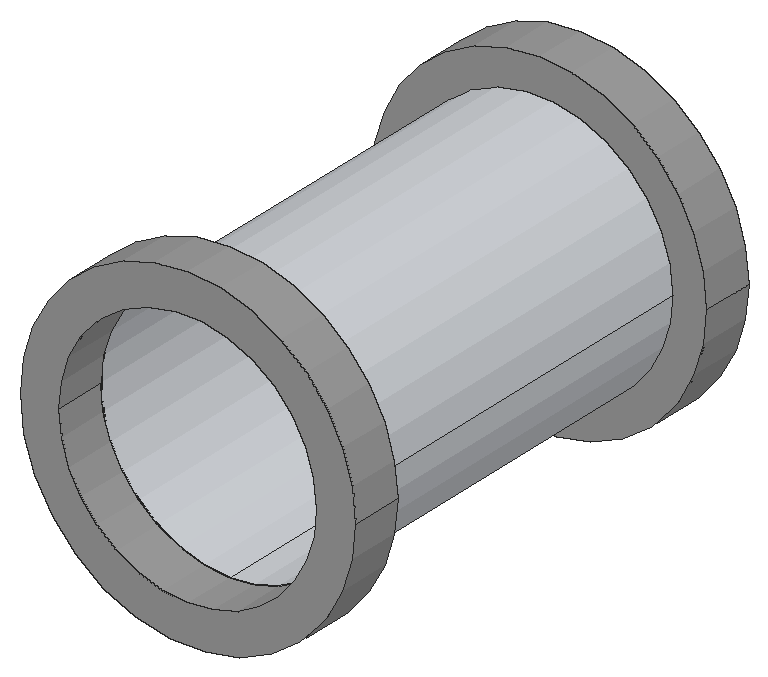
Revit family "套管-圓形_無", category 管附件, Revit 2024
Family settings
  圓形接點標註 = 使用直徑
  組件類型 = 正常
  以工作平面為基礎 = 否
  總是垂直 = 是
  載入時使用空心切割 = 是
  共用 = 否
Parameters (values of type "套管-100A")
  管道標稱直徑 [instance] = ""
  管外半徑 [instance] = 管外直徑 / 2  # 51.55 mm
  立面高程 [instance] = 0 mm
  穿越構件 [instance] = ""
  物件高程 [instance] = if(BOP, 立面高程 - 管外半徑, if(TOP, 立面高程 + 管外半徑, 立面高程))  # -51.55 mm
  止水版直徑 [instance] = 220 mm
  止水板厚度 [instance] = 5 mm
  止水板 = no
  厚度 [instance] = 3.1 mm
  凸緣 = yes
  長度 [instance] = 150 mm
  來源管線Id [instance] = ""
  TOP [instance] = no
  HB_族群版本 = "2026.09.22.01"
  Diatot = 標稱直徑 + 邊界寬度  # 130 mm
  管外直徑 [instance] = 標稱直徑 + 厚度  # 103.1 mm
  標稱直徑 = 100 mm
  預設高程 = 0 mm
  邊界寬度 = 30 mm
  BOP [instance] = yes
Types (16, lengths in mm): name | 管外半徑 | 物件高程 | 止水版直徑 | 止水板厚度 | 止水板 | 厚度 | 長度 | HB_族群版本 | Diatot | 管外直徑 | 標稱直徑
  止水套管-50A | 25.9 | -25.9 | 80 | 4 | yes | 1.8 | 100 | "2026.08.26.01" | 80 | 51.8 | 50
  套管-80A | 43.5 | -43.5 | 97.5 | 5 | no | 7 | 100 | "2026.08.26.01" | 110 | 87 | 80
  套管-100A | 51.55 | -51.55 | 220 | 5 | no | 3.1 | 150 | "2026.09.22.01" | 130 | 103.1 | 100
  止水套管-65A | 33.85 | -33.85 | 90 | 4.5 | yes | 2.7 | 100 | "2026.08.26.01" | 95 | 67.7 | 65
  套管-25A | 13.4 | -13.4 | 220 | 5 | no | 1.8 | 100 | "2026.08.26.01" | 55 | 26.8 | 25
  套管-125A | 64.55 | -64.55 | 125 | 5.5 | no | 4.1 | 100 | "2026.08.26.01" | 155 | 129.1 | 125
  套管-150A | 77.55 | -77.55 | 137.5 | 6 | no | 5.1 | 100 | "2026.08.26.01" | 180 | 155.1 | 150
  套管-200A | 103.2 | -103.2 | 220 | 5 | no | 6.4 | 100 | "2026.08.26.01" | 230 | 206.4 | 200
  套管-250A | 128.9 | -128.9 | 220 | 5 | no | 7.8 | 100 | "2026.08.26.01" | 280 | 257.8 | 250
  止水套管-100A | 51.55 | -51.55 | 220 | 5 | yes | 3.1 | 150 | "2026.08.26.01" | 130 | 103.1 | 100
  止水套管-125A | 64.55 | -64.55 | 125 | 5.5 | yes | 4.1 | 100 | "2026.08.26.01" | 155 | 129.1 | 125
  止水套管-150A | 77.55 | -77.55 | 137.5 | 6 | yes | 5.1 | 100 | "2026.08.26.01" | 180 | 155.1 | 150
  止水套管-80A | 43.5 | -43.5 | 97.5 | 5 | yes | 7 | 100 | "2026.08.26.01" | 110 | 87 | 80
  套管-50A | 25.9 | -25.9 | 80 | 4 | no | 1.8 | 100 | "2026.08.26.01" | 80 | 51.8 | 50
  套管-40A | 20.9 | -20.9 | 220 | 5 | no | 1.8 | 100 | "2026.08.26.01" | 70 | 41.8 | 40
  止水套管-40A | 20.9 | -20.9 | 220 | 5 | no | 1.8 | 100 | "2026.08.26.01" | 70 | 41.8 | 40
Reference planes
  plane 1 "Center (Front/Back)": y = 0
  plane 2: z = 0
  plane 3 "Center (Left/Right)": x = 0
Forms (mm)
  Extrusion 1, void
    sketch origin (0, -125, 0) x (0, 0, 1) y (1, 0, 0)
      loop
        circle (0, 0) r 50
    from 200 to 50
  Extrusion 2, solid, material "預設", visible <- "凸緣"
    sketch origin (0, 0, 0) x (1, 0, 0) y (0, 0, 1)
      loop
        circle (0, 0) r 65
      loop
        circle (0, 0) r 50
    from 75 to 95.191
  Extrusion 3, solid, material "預設", visible <- "凸緣"
    sketch origin (0, 0, 0) x (1, 0, 0) y (0, 0, -1)
      loop
        circle (0, 0) r 65
      loop
        circle (0, 0) r 50
    from 75 to 95
  Extrusion 4, solid
    sketch origin (0, -125, 0) x (0, 0, 1) y (1, 0, 0)
      loop
        circle (0, 0) r 50
      loop
        circle (0, 0) r 51.55
    from 200 to 50
  Extrusion 5, solid, visible <- "止水板"
    sketch origin (25, -125, 0) x (0, 0, 1) y (1, 0, 0)
      loop
        circle (0, -25) r 51.55
      loop
        circle (0, -25) r 110
    from 127.5 to 122.5
Dimensions and locks
  plane 3 "Center (Left/Right)" to Extrusion 1 = 0 mm
  level to plane 3 "Center (Left/Right)" = 0 mm
  equal spacing: Extrusion 1, plane 1 "Center (Front/Back)", Extrusion 1
  locked: Extrusion 2 to Extrusion 2 at 20.191
  "長度": Extrusion 2 to Extrusion 3
  locked: Extrusion 3 to Extrusion 3 at 20
  equal spacing: Extrusion 3, plane 1 "Center (Front/Back)", Extrusion 2
  "長度": Extrusion 1 to Extrusion 1
  Extrusion 4 to Extrusion 4 = 150 mm
  equal spacing: Extrusion 5, plane 1 "Center (Front/Back)", Extrusion 5
  "止水板厚度": Extrusion 5 to Extrusion 5
  "標稱直徑": diameter of Extrusion 1 sketch curve
  "標稱直徑": diameter of Extrusion 2 sketch curve
  "Diatot": diameter of Extrusion 2 sketch curve
  "標稱直徑": diameter of Extrusion 3 sketch curve
  "Diatot": diameter of Extrusion 3 sketch curve
  "標稱直徑": diameter of Extrusion 4 sketch curve
  "管外直徑": diameter of Extrusion 4 sketch curve
  "管外直徑": diameter of Extrusion 5 sketch curve
  "止水版直徑": diameter of Extrusion 5 sketch curve
  aligned and locked: level to plane 2
  aligned and locked: Extrusion 4 to Extrusion 3
  aligned and locked: Extrusion 4 to Extrusion 2
Automatic sketch dimensions
  Extrusion 1 sketch curve to level = 0 mm
  Extrusion 1 sketch curve to plane 3 "Center (Left/Right)" = 0 mm
  Extrusion 2 sketch curve to Extrusion 2 sketch curve = 0 mm  (x2)
  Extrusion 2 sketch curve to level = 0 mm
  Extrusion 2 sketch curve to plane 3 "Center (Left/Right)" = 0 mm
  Extrusion 3 sketch curve to Extrusion 3 sketch curve = 0 mm  (x2)
  Extrusion 3 sketch curve to level = 0 mm
  Extrusion 3 sketch curve to plane 3 "Center (Left/Right)" = 0 mm
  Extrusion 4 sketch curve to Extrusion 4 sketch curve = 0 mm  (x6)
  Extrusion 4 sketch curve to level = 0 mm
  Extrusion 4 sketch curve to plane 3 "Center (Left/Right)" = 0 mm
  Extrusion 5 sketch curve to Extrusion 5 sketch curve = 0 mm  (x2)
  Extrusion 5 sketch curve to level = 0 mm
  Extrusion 5 sketch curve to plane 3 "Center (Left/Right)" = 0 mm
Connectors
  piping at (0, 2.5, 0), diameter 100, driven by "標稱直徑"
    settings: on Extrusion 5, index 1, connector inside diameter 609.6 mm, connector length 0 mm, flow factor 0, pipe flow 0.0 L/s, pressure drop 0.0 Pa, fitting loss kfactor 0, connector angle 0.00°, fixture units 0, engagement length 0 mm, angle of deflection 0.00°, flow configuration 0, flow direction 0, fitting loss method 0, system type 7, joint type 0, gender type 0, connector reference index -1, connector utility 0, adjustable connector no, is connector primary yes, connector description ""
  piping at (0, -2.5, 0), diameter 100, driven by "標稱直徑"
    settings: on Extrusion 5, index 2, connector inside diameter 609.6 mm, connector length 0 mm, flow factor 0, pipe flow 0.0 L/s, pressure drop 0.0 Pa, fitting loss kfactor 0, connector angle 0.00°, fixture units 0, engagement length 0 mm, angle of deflection 0.00°, flow configuration 0, flow direction 0, fitting loss method 0, system type 7, joint type 0, gender type 0, connector reference index -1, connector utility 0, adjustable connector no, is connector primary no, connector description ""
